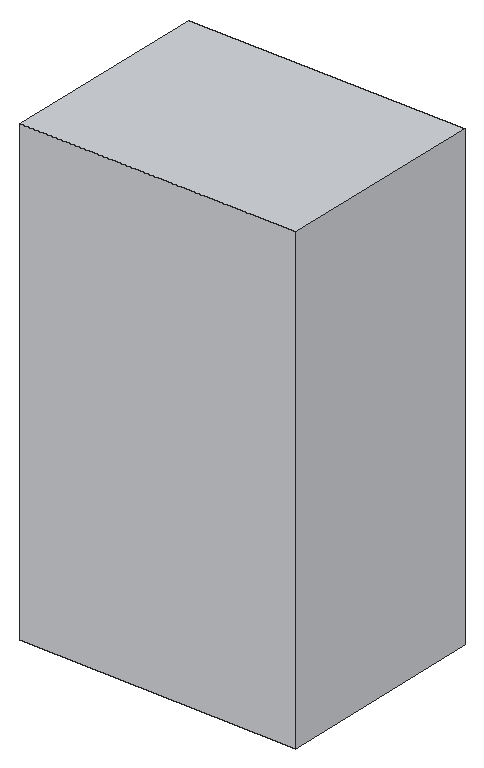
Revit family
Parameters
  Warranty Duration (Years) = 0
  URL = "http://www.americanspecialties.com/viewCategories.cfm"
  Trim Material = Metal - Stainless Steel
  Test Data = ""
  Specification = "http://www.arcat.com/sdspecs/htm/10810asi.htm"
  SpecWizard = ""
  Send Message = "http://www.arcat.com/users.pl?action=UserEmail&company=American%20Specialties,%20Inc.&coid=30448&rep=139&fax=914-476-0688&mf="
  Sales Information = "http://www.americanspecialties.com/contact"
  Revision = "R1_10-2010"
  Product Properties = "http://www.americanspecialties.com/datasheets/0318.pdf"
  Product Data = "http://www.arcat.com/arcatcos/cos30/arc30448.html"
  Model = "As Specified in 10 28 13"
  Manufacturer Website = "http://www.americanspecialties.com/viewCategories.cfm"
  Manufacturer Phone - Toll Free = ""
  Manufacturer Phone = "914-476-9000 "
  Manufacturer Fax = "914-476-0688"
  Manufacturer Address = "441 Saw Mill River Rd., Yonkers, NY 10701"
  Manufacturer = "American Specialties, Inc."
  Maintenance Schedule (Months) = 0
  Keynote = "10 28 13"
  Installation-Fabrication = "http://www.americanspecialties.com/products.cfm"
  Green Building-LEED = ""
  Expected Lifespan (Years) = 0
  Drawn By = "Robert S. Weygant. CSI, CDT, SCIP"  # constant formula
  Description = "Toilet Accessory as Specified in 10 28 13"
  Default Elevation = 4' - 0"
  Copyright = "©Arcat Inc."
  Construction Details = "http://www.arcat.com/green/clients/leed_data_30448.html"
  Building Codes = "http://www.americanspecialties.com/products.cfm"
  Body Material = Metal - Stainless Steel
  Assembly Code = "C1030210"
Reference planes (in)
  plane 1 "Center (Front/Back)": y = -0.29112
  plane 2 "Floor Line": z = 0
  plane 3 "Center (Left/Right)": x = -0.65843
Forms (in)
  Extrusion 1, solid
    sketch origin (-3, -9, -6) x (0, 0, -1) y (1, 0, 0)
      loop
        line (-82, 26) -> (-82, -19.34712) -> (-6, -19.34712) -> (-6, 26) -> (-82, 26)
    from 9 to -25.60721
  Extrusion 2, solid, material "Metal - Stainless Steel" <- "Body Material"
    sketch origin (-0.65843, -42.16148, 13.93253) x (0, 0, 1) y (0, 1, 0)
      loop
        line (-9.68253, 41.87036) -> (-13.73685, 41.87036) -> (-13.73685, 42.63572) -> (-13.93253, 42.63572) -> (-13.93253, 39.30786) -> (-9.68253, 39.30786) -> (-9.68253, 41.87036)
    from -8 to 8
  Extrusion 3, solid, material "Metal - Stainless Steel" <- "Body Material"
    sketch origin (-0.65843, -42.16148, 13.93253) x (0, 0, 1) y (0, 1, 0)
      loop
        line (-13.73685, 41.87036) -> (-8.87003, 41.87036) -> (-8.87003, 42.74536) -> (-13.73685, 42.74536) -> (-13.73685, 41.87036)
    from -8.6875 to 8.6875
  Revolve 4, solid, material "Metal - Stainless Steel" <- "Body Material"
    sketch origin (-0.65843, -54.48448, 6.45888) x (0, 0, -1) y (0, 1, 0)
      loop
        line (-0.29112, 52.69336) -> (3.95888, 52.69336) -> (3.95888, 52.93631) -> (2.45888, 52.93631) -> (2.45888, 53.05717) -> (2.20888, 53.05717) -> (2.20888, 53.15248) -> (2.03197, 53.15248) -> (2.03197, 53.05717) -> (0.70253, 53.05717) -> (0.70253, 52.93631) -> (-0.09921, 52.93631) -> (-0.09921, 53.05717) -> (-0.29112, 53.05717) -> (-0.29112, 52.69336)
      axis (3.95888, 52.69336) -> (-0.29112, 52.69336)
    angle from 0 to 360
  Revolve 5, solid
    sketch origin (-0.65843, -54.48448, 6.45888) x (0, 0, -1) y (0, 1, 0)
      loop
        line (3.95888, 52.53559) -> (3.83077, 52.53559) -> (3.83077, 51.91423) -> (3.89705, 51.91423) -> (3.91774, 51.9658) -> (3.88192, 51.9658) -> (3.88192, 52.16449) -> (3.92029, 52.16449) -> (3.92029, 52.23697) -> (3.95888, 52.23697) -> (3.95888, 52.53559)
      axis (3.83077, 51.91423) -> (3.83077, 52.53559)
    angle from 0 to 360
  Revolve 6, solid
    sketch origin (-0.65843, -54.5013, 6.28786) x (0, 0, -1) y (0, 1, 0)
      loop
        line (-0.09921, 52.50253) -> (-0.09921, 52.31658) -> (-0.05855, 52.31658) -> (-0.02577, 52.50253) -> (-0.09921, 52.50253)
      axis (-0.09921, 52.50253) -> (-0.09921, 52.31658)
    angle from 0 to 360
  Revolve 7, solid
    sketch origin (-0.65843, -54.48448, 6.10725) x (0, 0, -1) y (0, 1, 0)
      loop
        line (0.70253, 52.42002) -> (0.70253, 52.26801) -> (0.82221, 52.26801) -> (0.82221, 52.42002) -> (0.70253, 52.42002)
      axis (0.70253, 52.42002) -> (0.70253, 52.26801)
    angle from 0 to 360
Dimensions and locks (in)
  aligned and locked: Extrusion 1 to level
